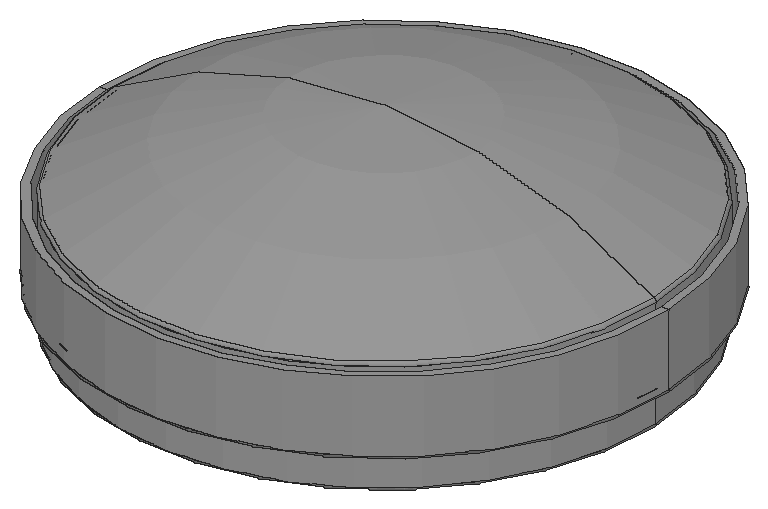
Revit family "3034792 Sylvania Lighting Fixture GIOTTO305 LED G2 4000K SURFACE DALI EMERGENCY", category Lighting Fixtures, host Face, Revit 2016
Family settings
  Host = Face
  Part Type = Normal
  Round Connector Dimension = Use Diameter
  OmniClass Number = 23.80.70.00
  OmniClass Title = Lighting
  Cut with Voids When Loaded = No
  Light Source = Yes
  Shared = No
  Room Calculation Point = No
Parameters (values of type "3034792 GIOTTO305 LED G2 4000K SURFACE DALI EMERGENCY Emergency mode")
  Weight = "1.41 kg"
  Wattage Comments = ""
  Wattage = 20 W
  WarrantyStartDate [instance] = "n/a"
  WarrantyGuarantorParts = "n/a"
  WarrantyDurationUnit = "n/a"
  WarrantyDurationParts = "n/a"
  WarrantyDescription = "n/a"
  built-in parameter 1150110 = 1 (stored number, unit not read)
  Voltage = 0 V
  URL = "http://www.sylvania-lighting.com"
  TypeName = "GIOTTO305 LED G2 4000K SURFACE DALI EMERGENCY Emergency mode"
  Type Image = <None>
  Type Comments = "n/a"
  built-in parameter 1114217 = 1 (stored number, unit not read)
  Tilt Angle = -90.00°
  built-in parameter 1150109 = 1 (stored number, unit not read)
  built-in parameter 1150134 = 12
  built-in parameter 1150113 = 1 (stored number, unit not read)
  SerialNumber [instance] = "n/a"
  Photometric Web File = "3034792EM.ies"
  Material_3_SYL = LED-Sylvania
  PowerFactor = 0
  PowerConsumption = "20 W"
  NominalLength = 305 mm
  NominalHeight = 104 mm
  NominalDepth = 305 mm
  Name = "GIOTTO305 LED G2 4000K SURFACE DALI EMERGENCY Emergency mode"
  ModelReference = Name  # "GIOTTO305 LED G2 4000K SURFACE DALI EMERGENCY Emergency mode"
  ModelNumber = "3034792"
  Model = Name  # "GIOTTO305 LED G2 4000K SURFACE DALI EMERGENCY Emergency mode"
  Material = "polycarbonate housing, polycarbonate diffuser"
  ManufacturerName = "Feilo Sylvania"
  Manufacturer = "Feilo Sylvania"
  LuminousEfficacy = "5.45 lm/W"
  built-in parameter 1150105 = 8.6739 (stored number, unit not read)
  Lumens = 109 lm
  LuminaireType = ""
  built-in parameter 1150115 = 1 (stored number, unit not read)
  LightOutputRatio = "n/a"
  built-in parameter 1150137 = (empty or 0)
  built-in parameter 1150139 = (empty or 0)
  LampsType = Lamp  # "LED"
  LampNominalLuminous = "109 lm"
  LampMacAdamStep = "n/a"
  LampColourTemperature = "4000 K"
  LampColourRenderingIndex = "80"
  built-in parameter 1150112 = 1 (stored number, unit not read)
  built-in parameter 1150114 = 1 (stored number, unit not read)
  Lamp = "LED"
  Keynote = "16500"
  InstallationDate [instance] = "n/a"
  InputVoltage = "n/a"
  InputNominalFrequency = "n/a"
  built-in parameter 1150132 = (empty or 0)
  built-in parameter 1150102 = (empty or 0)
  built-in parameter 1150107 = 4000 (stored number, unit not read)
  built-in parameter 1150138 = (empty or 0)
  IngressProtection = "IP44"
  ImpactProtectionIndex = "IK10"
  built-in parameter 1150106 = 0.086739 (stored number, unit not read)
  IfcExportType = "IfcLightFixtureType"
  IfcExportAs = "IfcLightFixtureType"
  Height_SYL = 104 mm
  ExpectedLife = 50000
  Emit from Circle Diameter = 317 mm
  Emit Shape Visible in Rendering = no
  ElectricShockClassification = "Class I"
  built-in parameter 1150104 = 0.50632 (stored number, unit not read)
  DurationUnit = "hours"
  DocumentationLiterature = "http://www.sylvania-lighting.com/product/en-int/products/3034792"
  DimmingControlOptions = "n/a"
  Material_2_SYL = Polycarbonate_Sylvania_Giotto_Opal
  Dimming Lamp Color Temperature Shift = <None>
  DiffuserRadius_SYL = 282.611 mm
  Diameter_SYL = 305 mm
  Description = "Ambient and decorative round, surface mounted LED bulkhead luminaire. White robust polycarbonate body with opal diffuser, 1596 lm, 20W, 80lm/W, 4000K, CRI 80, DALI, integral 3 hour maintained emergency, 50,000 hours lumen maintenance. Drive current: 700mA, IP44, IK10, Class I, 220-240V, Energy class: A++, A+, A."
  Default Elevation = 1219.2 mm
  CreatedOn = "11/7/2018"
  CreatedBy = "@sylvania-lighting.com"
  Cost = 0
  Color Filter = 16777215
  built-in parameter 1114216 [instance] = (empty or 0)
  ClassificationValue = "EF_70_80"
  ClassificationName = "Uniclass2015"
  Material_1_SYL = Polycarbonate_Sylvania_Giotto_White
  BarCode [instance] = "n/a"
  built-in parameter 1114218 = 1 (stored number, unit not read)
  built-in parameter 1150133 = 10 (stored number, unit not read)
  AssetType = "Fixed"
  AssetIdentifier [instance] = "n/a"
  Assembly Code = "D5020200"
  Apparent Load = 20 VA
  Material_4_SYL = none
Types (2, lengths in mm): name | TypeName | Photometric Web File | Name | ModelReference | Model | LuminousEfficacy | built-in parameter 1150105 | Lumens | LampNominalLuminous | built-in parameter 1150106 | built-in parameter 1150104
  3034792 GIOTTO305 LED G2 4000K SURFACE DALI EMERGENCY Emergency mode | "GIOTTO305 LED G2 4000K SURFACE DALI EMERGENCY Emergency mode" | "3034792EM.ies" | "GIOTTO305 LED G2 4000K SURFACE DALI EMERGENCY Emergency mode" | "GIOTTO305 LED G2 4000K SURFACE DALI EMERGENCY Emergency mode" | "GIOTTO305 LED G2 4000K SURFACE DALI EMERGENCY Emergency mode" | "5.45 lm/W" | 8.6739 (stored number, unit not read) | 109 lm | "109 lm" | 0.086739 (stored number, unit not read) | 0.50632 (stored number, unit not read)
  3034792 GIOTTO305 LED G2 4000K SURFACE DALI EMERGENCY | "GIOTTO305 LED G2 4000K SURFACE DALI EMERGENCY" | "3034792.ies" | "GIOTTO305 LED G2 4000K SURFACE DALI EMERGENCY" | "GIOTTO305 LED G2 4000K SURFACE DALI EMERGENCY" | "GIOTTO305 LED G2 4000K SURFACE DALI EMERGENCY" | "80 lm/W" | 127.32 (stored number, unit not read) | 1600 lm | "1596 lm" | 1.2732 (stored number, unit not read) | 7.4322 (stored number, unit not read)
Reference planes
  plane 1 "Center (Front/Back)": y = 0
  plane 2: z = 0
  plane 3 "Center (Left/Right)": x = 0
  plane 4: x = 152.5
  plane 5: x = -152.5
  plane 6: x = -145.5
  plane 7: x = -148.5
  plane 8: z = 104
  plane 9: z = 59
  plane 10: z = 19
  plane 11: z = 24
  plane 12: x = -150.9
  plane 13: z = 20.6
  plane 14: z = 1.6
  plane 15: x = -143.9
  plane 16: z = 18
  plane 17: x = -146.5
  plane 18: z = 25
  plane 19: z = 61
Forms (mm)
  Revolve 1, solid, material "Polycarbonate_Sylvania_Giotto_White" <- "Material_1_SYL"
    sketch origin (0, 0, 0) x (1, 0, 0) y (0, 0, 1)
      loop
        line (0, 0) -> (0, 25) -> (-143.9, 25) -> (-143.9, 24) -> (-148.5, 24) -> (-148.5, 59) -> (-152.5, 59) -> (-152.5, 20.6)
        arc (-152.5, 20.6) -> (-152.031, 19.469) -> (-150.9, 19) r 1.6
        line (-150.9, 19) -> (-146.5, 19)
        arc (-146.5, 19) -> (-145.793, 18.707) -> (-145.5, 18) r 1
        line (-145.5, 18) -> (-145.5, 1.6)
        arc (-145.5, 1.6) -> (-145.031, 0.469) -> (-143.9, 0) r 1.6
        line (-143.9, 0) -> (0, 0)
      axis (0, 59) -> (0, 0)
    angle from 360 to 0
  Revolve 2, solid, material "Polycarbonate_Sylvania_Giotto_Opal" <- "Material_2_SYL"
    sketch origin (0, 0, 0) x (1, 0, 0) y (0, 0, 1)
      loop
        line (-145.5, 24) -> (-143.9, 24) -> (-143.9, 59.636)
        arc (-143.9, 59.636) -> (-143.79, 60.068) -> (-143.485, 60.394) r 0.9
        arc (-143.485, 60.394) -> (-74.754, 91.683) -> (0, 102.4) r 266.066
        line (0, 102.4) -> (0, 104)
        arc (0, 104) -> (-75.203, 93.218) -> (-144.348, 61.742) r 267.666
        arc (-144.348, 61.742) -> (-145.193, 60.836) -> (-145.5, 59.636) r 2.5
        line (-145.5, 59.636) -> (-145.5, 24)
      axis (0, 104) -> (0, 24)
    angle from 360 to 0
Dimensions and locks
  equal spacing: plane 4, plane 3 "Center (Left/Right)", plane 5
  "Diameter_SYL": plane 4 to plane 5
  locked: plane 6 to plane 5 at 7
  locked: plane 7 to plane 5 at 4
  "Height_SYL": plane 8 to plane 2
  locked: plane 8 to plane 9 at 45
  locked: plane 9 to plane 10 at 40
  Revolve 1 sketch curve to Revolve 1 sketch curve = 4.4 mm
  locked: plane 11 to plane 10 at 5
  locked: plane 12 to plane 5 at 1.6
  locked: plane 13 to plane 10 at 1.6
  locked: plane 14 to plane 2 at 1.6
  locked: plane 15 to plane 6 at 1.6
  locked: plane 6 to plane 17 at 1
  locked: plane 10 to plane 16 at 1
  locked: plane 18 to plane 11 at 1
  locked: plane 19 to plane 9 at 2
  aligned and locked: plane 2 to host face
  aligned and locked: level to host face
  aligned and locked: Revolve 1 sketch curve to plane 3 "Center (Left/Right)"
  aligned and locked: level to Revolve 1 sketch curve
  aligned and locked: Revolve 1 sketch curve to plane 10
  aligned and locked: plane 9 to Revolve 1 sketch curve
  aligned and locked: Revolve 1 sketch curve to plane 7
  aligned and locked: plane 12 to Revolve 1 sketch curve  (x2)
  aligned and locked: plane 13 to Revolve 1 sketch curve  (x2)
  aligned and locked: plane 15 to Revolve 1 sketch curve  (x3)
  aligned and locked: plane 14 to Revolve 1 sketch curve  (x2)
  aligned and locked: plane 3 "Center (Left/Right)" to imposter light
  aligned and locked: imposter light to plane 1 "Center (Front/Back)"
  aligned and locked: plane 18 to Revolve 1 sketch curve
  aligned and locked: plane 11 to Revolve 1 sketch curve
  aligned and locked: imposter light to plane 8
  aligned and locked: plane 6 to Revolve 1 sketch curve
  aligned and locked: plane 17 to Revolve 1 sketch curve
  aligned and locked: plane 16 to Revolve 1 sketch curve
  aligned and locked: Revolve 2 sketch curve to plane 3 "Center (Left/Right)"
  aligned and locked: plane 6 to Revolve 2 sketch curve
  aligned and locked: plane 3 "Center (Left/Right)" to Revolve 2 sketch curve
  aligned and locked: plane 11 to Revolve 2 sketch curve
  aligned and locked: Revolve 2 sketch curve to imposter light
Automatic sketch dimensions
  host sketch curve to host sketch curve = 2438.4 mm  (x2)
  Revolve 1 sketch curve to plane 3 "Center (Left/Right)" = 0 mm
  Revolve 1 sketch curve to level = 609.6 mm
  Revolve 1 sketch curve to plane 8 = 2499.058 mm
  Revolve 2 sketch curve to Revolve 2 sketch curve = 0 mm  (x4)
  Revolve 2 sketch curve to plane 15 = 0 mm
  Revolve 2 sketch curve to plane 8 = 0 mm
  plane 15 to Revolve 2 sketch curve = 0.9 mm
  Revolve 2 sketch curve to level = 163.666 mm
  Revolve 2 sketch curve to plane 9 = 0.636 mm
  Revolve 2 sketch curve to Revolve 2 sketch curve = 445.934 mm
  Revolve 2 sketch curve to plane 8 = 2505.058 mm
Connectors
  electrical at (0, 0, 0), driven by "Apparent Load", driven by "PowerFactor", driven by "Voltage"
    settings: index 1, voltage 0 V, apparent load 20 VA, apparent load phase1 0 VA, apparent load phase2 0 VA, apparent load phase3 0 VA, power factor 0, load classification "Lighting", number of poles 1, system type 30, power factor state 1, is connector primary yes, connector utility no, sub classification motor no, connector description ""
